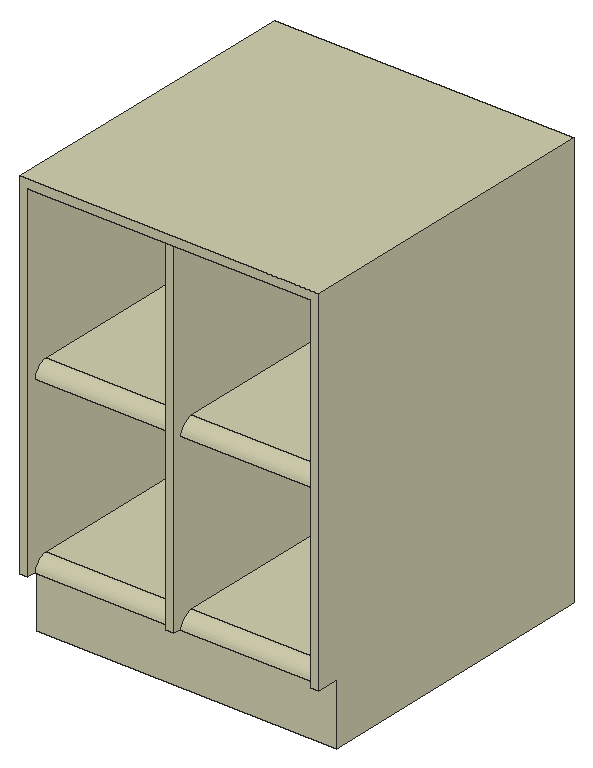
Revit family "Wenger Cabinet 54", category Furniture, Revit 2011
Parameters (values of type "Standard Cabinet #54")
  URL = "http://www.wengercorp.com/Home/Contact.html"
  Toekick Material [instance] = none
  RH End Panel [instance] = no
  Model = "54"
  Manufacturer = "Wenger Corporation"
  LH End Panel [instance] = no
  End Panel Material [instance] = none
  Edge Banding Material [instance] = none
  Door Material [instance] = none
  Description = "Standard Cabinet #54"
  Cabinet Width = 2' - 3 1/2"
  Cabinet Label = Labels : Standard
  Cabinet Height = 3' - 2 5/16"
  Cabinet Depth = 2' - 5 1/4"
  Cabinet Back Thickness = 0' - 0 3/4"
  Assembly Code = ""
Types (4): name | Model | Description | Cabinet Width | Cabinet Label | Cabinet Depth | Cabinet Back Thickness
  Standard Cabinet #54 | "54" | "Standard Cabinet #54" | 2' - 3 1/2" | Labels : Standard | 2' - 5 1/4" | 0' - 0 3/4"
  Narrow Cabinet #54 | "54N" | "Narrow Cabinet #54" | 1' - 9 1/2" | Labels : Narrow | 2' - 5 1/4" | 0' - 0 3/4"
  Acoustic Cabinet #54 | "54A" | "Acoustic Cabinet #54" | 2' - 3 1/2" | Labels : Acoustic | 2' - 7 3/4" | 0' - 3 1/4"
  Narrow Acoustic Cabinet #54 | "54NA" | "Narrow Acoustic Cabinet #54" | 1' - 9 1/2" | Labels : Narrow Acoustic | 2' - 7 3/4" | 0' - 3 1/4"
Reference planes (in)
  plane 1 "Front": y = 0
  plane 2: z = 0
  plane 3 "Left": x = 0
  plane 4 "Right": x = 27.5
  plane 5 "Back": y = 29.25
  plane 6 "Top": z = 38.3125
  plane 7: z = 5.625
  plane 8: z = 21.59375
  plane 9: x = 0.75
  plane 10: x = 26.75
  plane 11: z = 37.5625
  plane 12: x = 13.375
  plane 13: x = 14.125
  plane 14: y = 28.5
  plane 15: y = 2
  plane 16: y = 0.75
  plane 17: z = 22.71875
  plane 18: z = 6.75
Forms (in)
  Extrusion 1, solid, material "Wenger - Oyster"
    sketch origin (0, 0, 0) x (0, 1, 0) y (0, 0, 1)
      loop
        line (0, 38.3125) -> (0, 5.625) -> (2, 5.625) -> (2, 0) -> (29.25, 0) -> (29.25, 38.3125) -> (0, 38.3125)
    from 0 to 27.5
  Extrusion 2, void
    sketch origin (0, 0, 0) x (0, 1, 0) y (0, 0, 1)
      loop
        line (-5.5, 37.5625) -> (-5.5, 5.625) -> (0.75, 5.625)
        arc (0.75, 5.625) -> (1.18296, 6.40088) -> (2, 6.75) r 1.375
        line (2, 6.75) -> (28.5, 6.75) -> (28.5, 21.59375) -> (0.75, 21.59375)
        arc (0.75, 21.59375) -> (1.18296, 22.36963) -> (2, 22.71875) r 1.375
        line (2, 22.71875) -> (28.5, 22.71875) -> (28.5, 37.5625) -> (-5.5, 37.5625)
    from 0.75 to 13.375
  Extrusion 3, void
    sketch origin (0, 0, 0) x (0, 1, 0) y (0, 0, 1)
      loop
        line (-5.5, 37.5625) -> (-5.5, 5.625) -> (0.75, 5.625)
        arc (0.75, 5.625) -> (1.18296, 6.40088) -> (2, 6.75) r 1.375
        line (2, 6.75) -> (28.5, 6.75) -> (28.5, 21.59375) -> (0.75, 21.59375)
        arc (0.75, 21.59375) -> (1.18296, 22.36963) -> (2, 22.71875) r 1.375
        line (2, 22.71875) -> (28.5, 22.71875) -> (28.5, 37.5625) -> (-5.5, 37.5625)
    from 14.125 to 26.75
  Extrusion 4, void
    sketch origin (0, 0, 0) x (0, 1, 0) y (0, 0, 1)
      loop
        line (0, 37.5625) -> (0, 5.625) -> (0.0625, 5.625) -> (0.0625, 37.5625) -> (0, 37.5625)
    from 0.75 to 26.75
Cuts and joins
  Extrusion 2, Extrusion 3, Extrusion 4 cuts Extrusion 1
Lines and regions (in)
  symbolic lines
    curve 1: line (0, 29.25, 0) -> (27.5, 29.25, 0)
    curve 2: line (0, 0, 0) -> (0, 29.25, 0)
    curve 3: line (27.5, 0, 0) -> (0, 0, 0)
    curve 4: line (27.5, 29.25, 0) -> (27.5, 0, 0)
Dimensions and locks (in)
  locked: plane 3 "Left" to plane 9 at 0.75
  locked: plane 12 to plane 13 at 0.75
  locked: plane 10 to plane 4 "Right" at 0.75
  "Cabinet Back Thickness": plane 5 "Back" to plane 14
  locked: plane 1 "Front" to plane 16 at 0.75
  locked: plane 1 "Front" to plane 15 at 2
  locked: plane 17 to plane 8 at 1.125
  locked: plane 6 "Top" to plane 11 at 0.75
  equal spacing: plane 11, plane 8, plane 7
  locked: plane 18 to plane 7 at 1.125
  equal spacing: plane 10, plane 12, plane 3 "Left"
  "Cabinet Width": plane 3 "Left" to plane 4 "Right"
  locked: plane 7 to level at 5.625
  "Cabinet Height": plane 6 "Top" to level
  "Cabinet Depth": plane 1 "Front" to plane 5 "Back"
  plane 9 to plane 10 = 2' - 2"
  plane 11 to plane 7 = 2' - 7 15/16"
  aligned and locked: Extrusion 1 sketch curve to plane 6 "Top"
  aligned and locked: Extrusion 1 sketch curve to plane 5 "Back"
  aligned and locked: Extrusion 1 sketch curve to plane 1 "Front"
  aligned and locked: Extrusion 1 sketch curve to plane 7
  aligned and locked: Extrusion 1 sketch curve to plane 15
  aligned and locked: Extrusion 1 sketch curve to level
  aligned and locked: Extrusion 1 to plane 4 "Right"
  aligned and locked: Extrusion 1 to plane 3 "Left"
  aligned and locked: Extrusion 2 sketch curve to plane 11
  aligned and locked: Extrusion 2 sketch curve to plane 14
  aligned and locked: Extrusion 2 sketch curve to plane 17
  aligned and locked: Extrusion 2 sketch curve to plane 8
  aligned and locked: Extrusion 2 sketch curve to plane 18
  aligned and locked: Extrusion 2 to plane 9
  aligned and locked: plane 12 to Extrusion 2
  aligned and locked: Extrusion 3 to plane 10
  aligned and locked: Extrusion 4 sketch curve to cut or joined group of Extrusion 1, Extrusion 2, Extrusion 3, Extrusion 4  (x3)
  aligned and locked: Extrusion 4 to plane 10
  aligned and locked: Extrusion 4 to plane 9
  aligned and locked: plane 3 "Left" to curve 2
  aligned and locked: curve 1 to plane 5 "Back"
  aligned and locked: plane 4 "Right" to curve 4
  aligned and locked: curve 3 to plane 1 "Front"
  aligned and locked: Extrusion 3 to plane 13
Automatic sketch dimensions
  Extrusion 2 sketch curve to plane 7 = 0' - 0"
  Extrusion 2 sketch curve to plane 16 = 0' - 0"  (x2)
  Extrusion 2 sketch curve to plane 15 = 0' - 0"  (x2)
  Extrusion 2 sketch curve to plane 14 = 0' - 0"
  plane 1 "Front" to Extrusion 2 sketch curve = 0' - 5 1/2"
  Extrusion 2 sketch curve to plane 15 = 0' - 0.10279"  (x2)
  Extrusion 3 sketch curve to plane 11 = 0' - 0"
  Extrusion 3 sketch curve to plane 7 = 0' - 0"
  Extrusion 3 sketch curve to plane 16 = 0' - 0"  (x2)
  Extrusion 3 sketch curve to plane 8 = 0' - 0"
  Extrusion 3 sketch curve to plane 15 = 0' - 0"  (x2)
  Extrusion 3 sketch curve to plane 14 = 0' - 0"  (x2)
  Extrusion 3 sketch curve to plane 18 = 0' - 0"
  Extrusion 3 sketch curve to plane 17 = 0' - 0"
  plane 1 "Front" to Extrusion 3 sketch curve = 0' - 5 1/2"
  Extrusion 3 sketch curve to plane 15 = 0' - 0.10279"  (x2)
  plane 16 to Extrusion 4 sketch curve = 0' - 0 11/16"
Nested families (in)
  nested 1: "LH End Panel" at (0, 14.25, 0) x (0, -1, 0) z (0, 0, 1), End Panel Material <- "End Panel Material", visible <- "LH End Panel", Edge Banding Material <- "Edge Banding Material", type "20x84 LH"
    with End Panel Material none, Edge Banding Material none, End Panel Height 3' - 2 5/16", End Panel Depth 2' - 5 1/4"
  nested 2: "RH End Panel" at (28.25, 14.25, 0) x (0, -1, 0) z (0, 0, 1), End Panel Material <- "End Panel Material", visible <- "RH End Panel", Edge Banding Material <- "Edge Banding Material", type "20x84 RH"
    with End Panel Material none, Edge Banding Material none, End Panel Height 3' - 2 5/16", End Panel Depth 2' - 5 1/4"
  nested 3: "Labels" at (11.125, 13.03125, 0), type <- "Cabinet Label", type "Standard"
  nested 4: "Front Note" at (11.89516, 0.75, 0), type "Front Note", detail levels medium+fine
Definition of nested family "LH End Panel"
  Parameters (values of type "20x84 LH")
    End Panel Material [instance] = none
    End Panel Height = 7' - 1 5/8"
    End Panel Depth = 1' - 7 1/4"
    Edge Banding Material [instance] = none
    Default Elevation = 4' - 0"
    Assembly Code = ""
  Reference planes (in)
    plane 1 "Center (Front/Back)": y = 0
    plane 2: z = 0
    plane 3 "Center (Left/Right)": x = 0
    plane 4: x = -15
    plane 5: x = 4.25
    plane 6: z = 5.625
    plane 7: x = 2.25
    plane 8: z = 85.625
    plane 9: y = -0.75
  Forms (in)
    Extrusion 1, solid, material <- "End Panel Material"
      sketch origin (0, 0, 0) x (1, 0, 0) y (0, 0, 1)
        loop
          line (-15, 85.625) -> (-15, 0) -> (2.25, 0) -> (2.25, 5.625) -> (4.25, 5.625) -> (4.25, 85.625) -> (-15, 85.625)
      from 0 to 0.75
  Dimensions and locks (in)
    locked: plane 7 to plane 5 at 2
    locked: plane 6 to level at 5.625
    "End Panel Height": plane 8 to level
    "End Panel Depth": plane 5 to plane 4
    locked: plane 9 to plane 1 "Center (Front/Back)" at 0.75
    aligned and locked: plane 4 to Extrusion 1 sketch curve
    aligned and locked: level to Extrusion 1 sketch curve
    aligned and locked: plane 7 to Extrusion 1 sketch curve
    aligned and locked: plane 6 to Extrusion 1 sketch curve
    aligned and locked: Extrusion 1 sketch curve to plane 5
    aligned and locked: Extrusion 1 sketch curve to plane 8
    aligned and locked: Extrusion 1 to plane 9
    aligned and locked: Extrusion 1 to plane 1 "Center (Front/Back)"
Definition of nested family "RH End Panel"
  Parameters (values of type "20x84 RH")
    End Panel Material [instance] = none
    End Panel Height = 7' - 1 5/8"
    End Panel Depth = 1' - 7 1/4"
    Edge Banding Material [instance] = none
    Default Elevation = 4' - 0"
    Assembly Code = ""
  Reference planes (in)
    plane 1 "Center (Front/Back)": y = 0
    plane 2: z = 0
    plane 3 "Center (Left/Right)": x = 0
    plane 4: x = -15
    plane 5: x = 4.25
    plane 6: z = 5.625
    plane 7: x = 2.25
    plane 8: z = 85.625
    plane 9: y = -0.75
  Forms (in)
    Extrusion 1, solid, material <- "End Panel Material"
      sketch origin (0, 0, 0) x (1, 0, 0) y (0, 0, 1)
        loop
          line (-15, 85.625) -> (-15, 0) -> (2.25, 0) -> (2.25, 5.625) -> (4.25, 5.625) -> (4.25, 85.625) -> (-15, 85.625)
      from 0 to 0.75
  Dimensions and locks (in)
    locked: plane 7 to plane 5 at 2
    locked: plane 6 to level at 5.625
    "End Panel Height": plane 8 to level
    "End Panel Depth": plane 5 to plane 4
    locked: plane 9 to plane 1 "Center (Front/Back)" at 0.75
    aligned and locked: plane 4 to Extrusion 1 sketch curve
    aligned and locked: level to Extrusion 1 sketch curve
    aligned and locked: plane 7 to Extrusion 1 sketch curve
    aligned and locked: plane 6 to Extrusion 1 sketch curve
    aligned and locked: Extrusion 1 sketch curve to plane 5
    aligned and locked: Extrusion 1 sketch curve to plane 8
    aligned and locked: Extrusion 1 to plane 9
    aligned and locked: Extrusion 1 to plane 1 "Center (Front/Back)"
Definition of nested family "Labels"
  Parameters (values of type "Standard")
    Cabinet Label = "01"
  Types (4): name | Cabinet Label
    Standard | "01"
    Narrow | "01N"
    Narrow Acoustic | "01NA"
    Acoustic | "01A"
  Reference planes (in)
    plane 1: y = 0
    plane 2: x = 0
  Text (in)
    label "xxxx" at (-0.00018, 0.00754, 0), shows "Cabinet Label"
Definition of nested family "Front Note"
  Parameters (values of type "Front Note")
    Cabinet Label = "Front"
  Reference planes (in)
    plane 1: y = 0
    plane 2: x = 0
  Text (in)
    label "Front" at (-0.00018, 0.00754, 0), shows "Cabinet Label"
